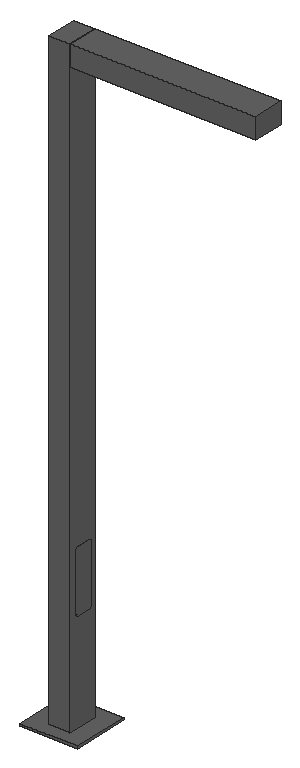
Revit family "Lin1", category Lighting Fixtures, Revit 2022
Family settings
  Round Connector Dimension = Use Diameter
  Part Type = Normal
  OmniClass Number = 23.80.70.00
  OmniClass Title = Lighting
  Work Plane-Based = No
  Always vertical = Yes
  Cut with Voids When Loaded = No
  Light Source = Yes
  Maintain Annotation Orientation = No
  Shared = No
  Room Calculation Point = No
Parameters (values of type "LIN1-60W-3000K-V-9.84ft")
  Wattage Comments = "60W"
  Wattage = 51.8305 W
  built-in parameter 1150110 = 1 (stored number, unit not read)
  URL = "https://www.abovealllighting.com/Product/LED-OUTDOOR-FIXTURES/LEDMOONSERIESPOSTTOP/MACKLINColumnLight.html"
  built-in parameter 1114217 = 1 (stored number, unit not read)
  Tilt Angle = 90.00°
  built-in parameter 1150109 = 1 (stored number, unit not read)
  built-in parameter 1150134 = (empty or 0)
  built-in parameter 1150113 = 1 (stored number, unit not read)
  Power Factor = "0.9"
  Photometric Web File = "LIN1-6030801-V-BK.IES"
  Model = "LIN1-6030801-V-BK"
  Manufacturer = "Above All Lighting"  # constant formula
  Lumens = 7699 lm
  built-in parameter 1150115 = 1 (stored number, unit not read)
  built-in parameter 1150105 = 4711.7 (stored number, unit not read)
  Load Classification = Lighting
  built-in parameter 1150137 = (empty or 0)
  built-in parameter 1150139 = (empty or 0)
  built-in parameter 1150112 = 1 (stored number, unit not read)
  built-in parameter 1150114 = 1 (stored number, unit not read)
  Lamp = "LED"
  Input Voltage = "120-277V"
  built-in parameter 1150132 = 2
  built-in parameter 1150102 = (empty or 0)
  built-in parameter 1150138 = (empty or 0)
  built-in parameter 1150107 = 3000 (stored number, unit not read)
  built-in parameter 1150106 = 47.117 (stored number, unit not read)
  IP Rating = "IP65"
  H = 9' - 10.07928"
  built-in parameter 1150104 = 13.8 (stored number, unit not read)
  Dimming Lamp Color Temperature Shift = <None>
  Default Elevation = 0' - 0"
  Color Filter = 16777215
  CRI = "80"
  built-in parameter 1114218 = 1 (stored number, unit not read)
  built-in parameter 1150133 = 10 (stored number, unit not read)
Types (17): name | Wattage Comments | Wattage | Photometric Web File | Model | Lumens | built-in parameter 1150105 | built-in parameter 1150106
  (no name) | "60W" | 51.8305 W | "LIN1-6030801-V-BK.IES" | "LIN1-6030801-V-BK" | 7699 lm | 4711.7 (stored number, unit not read) | 47.117 (stored number, unit not read)
  LIN1-30W-3000K-II-9.84ft | "30W" | 30.2473 W | "LIN1-3030801-II-BK.IES" | "LIN1-3030801-II-BK" | 4493 lm | 357.54 (stored number, unit not read) | 3.5754 (stored number, unit not read)
  LIN1-30W-3000K-III-9.84ft | "30W" | 27.4468 W | "LIN1-3030801-III-BK.IES" | "LIN1-3030801-III-BK" | 4077 lm | 2124.1 (stored number, unit not read) | 21.241 (stored number, unit not read)
  LIN1-30W-3000K-IV-9.84ft | "30W" | 30.9609 W | "LIN1-3030801-IV-BK.IES" | "LIN1-3030801-IV-BK" | 4599 lm | 2036.5 (stored number, unit not read) | 20.365 (stored number, unit not read)
  LIN1-30W-3000K-V-9.84ft | "30W" | 29.7694 W | "LIN1-3030801-V-BK.IES" | "LIN1-3030801-V-BK" | 4422 lm | 2711.3 (stored number, unit not read) | 27.113 (stored number, unit not read)
  LIN1-40W-3000K-II-9.84ft | "40W" | 38.097 W | "LIN1-4030801-II-BK.IES" | "LIN1-4030801-II-BK" | 5659 lm | 2948.3 (stored number, unit not read) | 29.483 (stored number, unit not read)
  LIN1-40W-3000K-III-9.84ft | "40W" | 35.0877 W | "LIN1-4030801-III-BK.IES" | "LIN1-4030801-III-BK" | 5212 lm | 2707.6 (stored number, unit not read) | 27.076 (stored number, unit not read)
  LIN1-40W-3000K-IV-9.84ft | "40W" | 39.2616 W | "LIN1-4030801-IV-BK.IES" | "LIN1-4030801-IV-BK" | 5832 lm | 2586.6 (stored number, unit not read) | 25.866 (stored number, unit not read)
  LIN1-40W-3000K-V-9.84ft | "40W" | 37.7806 W | "LIN1-4030801-V-BK.IES" | "LIN1-4030801-V-BK" | 5612 lm | 3439.9 (stored number, unit not read) | 34.399 (stored number, unit not read)
  LIN1-50W-3000K-II-9.84ft | "50W" | 45.2801 W | "LIN1-5030801-II-BK.IES" | "LIN1-5030801-II-BK" | 6726 lm | 3494.1 (stored number, unit not read) | 34.941 (stored number, unit not read)
  LIN1-50W-3000K-III-9.84ft | "50W" | 41.2813 W | "LIN1-5030801-III-BK.IES" | "LIN1-5030801-III-BK" | 6132 lm | 3181.7 (stored number, unit not read) | 31.817 (stored number, unit not read)
  LIN1-50W-3000K-IV-9.84ft | "50W" | 46.8622 W | "LIN1-6030801-IV-BK.IES" | "LIN1-5030801-IV-BK" | 6961 lm | 3085 (stored number, unit not read) | 30.85 (stored number, unit not read)
  LIN1-50W-3000K-V-9.84ft | "50W" | 45.2397 W | "LIN1-6030801-V-BK.IES" | "LIN1-5030801-V-BK" | 6720 lm | 4112.6 (stored number, unit not read) | 41.126 (stored number, unit not read)
  LIN1-60W-3000K-II-9.84ft | "60W" | 53.1028 W | "LIN1-6030801-II-BK.IES" | "LIN1-6030801-II-BK" | 7888 lm | 4092.8 (stored number, unit not read) | 40.928 (stored number, unit not read)
  LIN1-60W-3000K-III-9.84ft | "60W" | 48.1009 W | "LIN1-6030801-III-BK.IES" | "LIN1-6030801-III-BK" | 7145 lm | 3712.2 (stored number, unit not read) | 37.122 (stored number, unit not read)
  LIN1-60W-3000K-IV-9.84ft | "60W" | 53.4192 W | "LIN1-6030801-IV-BK.IES" | "LIN1-6030801-IV-BK" | 7935 lm | 3507.8 (stored number, unit not read) | 35.078 (stored number, unit not read)
  LIN1-60W-3000K-V-9.84ft | "60W" | 51.8305 W | "LIN1-6030801-V-BK.IES" | "LIN1-6030801-V-BK" | 7699 lm | 4711.7 (stored number, unit not read) | 47.117 (stored number, unit not read)
Reference planes (in)
  plane 1 "Light Source Axis (F/B)": y = 0
  plane 2: z = 0
  plane 3 "Light Source Axis (L/R)": x = 0
  plane 4 "Light Source Elevation": z = 114.13928
  plane 5: z = 118.07928
  plane 6: x = -1.99
  plane 7: x = 1.99
  plane 8: x = 37.42
  plane 9: z = 114.13928
Forms (in)
  Extrusion 1, solid, material "Metal, Paint Finish, White, Matte"
    sketch origin (0, 0, 0) x (1, 0, 0) y (0, 1, 0)
      loop
        line (-1.99, 2.95) -> (-1.99, -2.95) -> (1.99, -2.95) -> (1.99, 2.95) -> (-1.99, 2.95)
    from 0 to 118.07928
  Extrusion 2, solid, material "Metal, Paint Finish, White, Matte"
    sketch origin (0, 0, 0) x (1, 0, 0) y (0, 1, 0)
      loop
        line (1.99, 2.95) -> (1.99, -2.95) -> (37.42, -2.95) -> (37.42, 2.95) -> (1.99, 2.95)
    from 114.13928 to 118.07928
  Extrusion 3, solid, material "Metal, Paint Finish, White, Matte"
    sketch origin (0, 0, 0) x (1, 0, 0) y (0, 1, 0)
      loop
        line (-5.51, 5.51) -> (-5.51, -5.51) -> (5.51, -5.51) -> (5.51, 5.51) -> (-5.51, 5.51)
    from 0 to 0.394
  Extrusion 4, solid, material "Glass, White, High Luminance"
    sketch origin (0, 0, 0) x (1, 0, 0) y (0, 1, 0)
      loop
        line (20.18595, 1.42747) -> (20.18595, -1.42747) -> (29.42, -1.42747) -> (29.42, 1.42747) -> (20.18595, 1.42747)
    from 114.06559 to 114.13928
  Extrusion 5, solid, material "Metal, Paint Finish, White, Matte"
    sketch origin (0, 0, 0) x (0, 1, 0) y (0, 0, 1)
      loop
        arc (-1.27, 31.5) -> (-1.62355, 31.35355) -> (-1.77, 31) r 0.5
        line (-1.77, 31) -> (-1.77, 20.19)
        arc (-1.77, 20.19) -> (-1.62355, 19.83645) -> (-1.27, 19.69) r 0.5
        line (-1.27, 19.69) -> (1.27, 19.69)
        arc (1.27, 19.69) -> (1.62355, 19.83645) -> (1.77, 20.19) r 0.5
        line (1.77, 20.19) -> (1.77, 31)
        arc (1.77, 31) -> (1.62355, 31.35355) -> (1.27, 31.5) r 0.5
        line (1.27, 31.5) -> (-1.27, 31.5)
    from 1.99 to 2.21533
Dimensions and locks (in)
  locked: plane 5 to plane 9 at 3.94
  locked: plane 8 to Extrusion 1 at 39.41
  "H": plane 5 to level
  locked: Extrusion 3 to Extrusion 3 at 0.394
  locked: Extrusion 1 to Extrusion 1 at 5.9
  locked: Extrusion 3 to Extrusion 3 at 11.02  (x2)
  locked: Extrusion 4 to Extrusion 2 at 0.07369
  locked: plane 8 to Extrusion 1 at 35.43
  aligned and locked: imposter light to plane 1 "Light Source Axis (F/B)"
  aligned and locked: plane 4 "Light Source Elevation" to imposter light
  aligned and locked: level to plane 2
  aligned and locked: Extrusion 1 to level
  aligned and locked: plane 5 to Extrusion 1
  aligned and locked: Extrusion 2 sketch curve to Extrusion 1  (x2)
  aligned and locked: plane 5 to Extrusion 2
  aligned and locked: plane 9 to Extrusion 2
  aligned and locked: Extrusion 2 to Extrusion 1
  aligned and locked: Extrusion 1 to plane 5
  aligned and locked: Extrusion 3 to level
  aligned and locked: imposter light to plane 9
  aligned and locked: plane 9 to plane 4 "Light Source Elevation"
  aligned and locked: Extrusion 4 to plane 9
  aligned and locked: Extrusion 5 to Extrusion 1
Automatic sketch dimensions
  Extrusion 1 sketch curve to plane 6 = 0' - 0"
  Extrusion 1 sketch curve to plane 7 = 0' - 0"
  plane 1 "Light Source Axis (F/B)" to Extrusion 1 sketch curve = 0' - 2.95"
  Extrusion 1 sketch curve to plane 1 "Light Source Axis (F/B)" = 0' - 2.95"
  Extrusion 2 sketch curve to plane 7 = 0' - 0"
  Extrusion 2 sketch curve to plane 8 = 0' - 0"
  plane 6 to Extrusion 3 sketch curve = 0' - 3.52"
  plane 7 to Extrusion 3 sketch curve = 0' - 3.52"
  plane 1 "Light Source Axis (F/B)" to Extrusion 3 sketch curve = 0' - 5.51"
  Extrusion 3 sketch curve to plane 1 "Light Source Axis (F/B)" = 0' - 5.51"
  plane 1 "Light Source Axis (F/B)" to Extrusion 4 sketch curve = 0' - 1.42747"
  Extrusion 4 sketch curve to plane 1 "Light Source Axis (F/B)" = 0' - 1.42747"
  Extrusion 4 sketch curve to plane 8 = 0' - 8"
  Extrusion 4 sketch curve to Extrusion 4 sketch curve = 0' - 9.23405"
  plane 1 "Light Source Axis (F/B)" to Extrusion 5 sketch curve = 0' - 1.77"
  plane 1 "Light Source Axis (F/B)" to Extrusion 5 sketch curve = 0' - 1.27"
  Extrusion 5 sketch curve to plane 1 "Light Source Axis (F/B)" = 0' - 1.27"  (x2)
  Extrusion 5 sketch curve to Extrusion 5 sketch curve = 0' - 0 1/2"  (x2)
  level to Extrusion 5 sketch curve = 1' - 7.69"
  Extrusion 5 sketch curve to Extrusion 5 sketch curve = 0' - 10.81"
